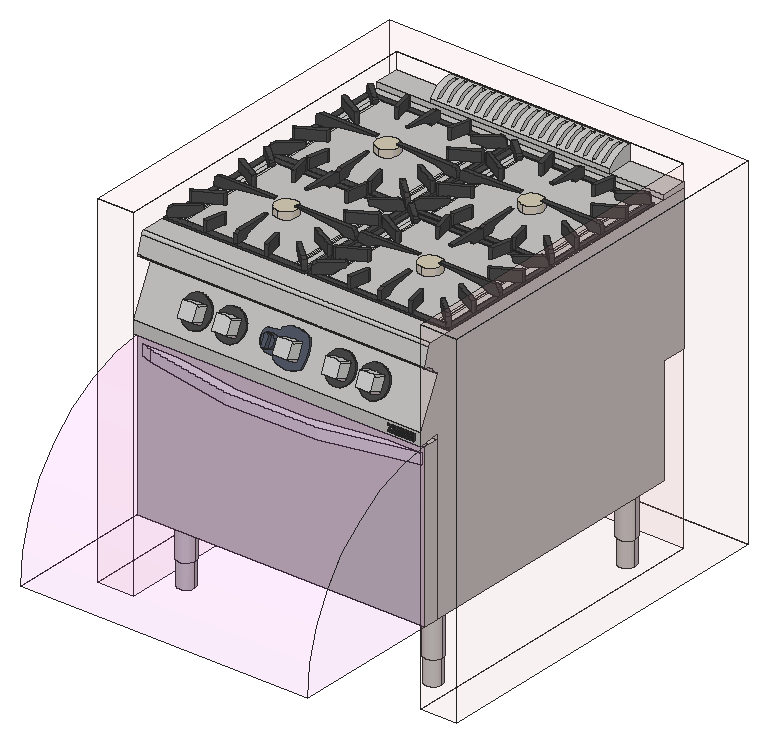
Revit family "QF_ZANUSSI_392030_Z9GCGH4CG0", category Attrezzature speciali, Revit 2020
Family settings
  Quota connettore circolare = Usa diametro
  Tipo di parte = Normale
  Basato su piano di lavoro = No
  Sempre verticale = Sì
  Taglio con vuoti quando caricato = No
  Condiviso = No
  Punto di calcolo locali = No
Parameters (values of type "Standard")
  Weight = 115.00 kg
  Watts = 0 W
  Volts = 0 V
  URL Manufacturer = "http://www.zanussiprofessional.com"
  URL = "http://www.zanussiprofessional.com"
  Steam Supply Size = 0 mm
  Steam Supply Minimum Pressure = 0.0 Pa
  Steam Supply Maximum Pressure = 0.0 Pa
  Steam Consumption per Hour = 0
  Show Logo [instance] = yes
  Show Clearance [instance] = yes
  Refrigeration Suction Line Size = 0 mm
  Refrigeration Liquid Line Size = 0 mm
  Refrigerant Compressor Remote = yes
  Prospetto di default = 0 mm
  Produttore = "Zanussi"
  Phase = 0
  Modello = "Z9GCGH4CG0"
  Length Actual = 800 mm  # constant formula
  Item Number = "392030"
  Hot Water Size = 0 mm
  Height Actual = 850 mm  # constant formula
  HP = "0 HP"
  Gas Size = 12.7 mm
  Gas KW = 36.5
  Gas Input Pressure = 0.332593 W
  Direct Waste Size = 0 mm
  Descrizione = "4-BURNER(CAST IRON)GAS RANGE+OVEN 800MM"
  Depth Actual = 900 mm  # constant formula
  Cycle = 0 Hz
  Condensate Return Size = 0 mm
  Compressed Air Volume = 0.0 L/s
  Compressed Air Size = 0 mm
  Compressed Air Pressure = 0.0 Pa
  Cold Water Size = 0 mm
  Accessory = yes
Reference planes
  plane 1 "Back": y = 0
  plane 2: z = 0
  plane 3 "Left": x = 0
  plane 4: x = 800
  plane 5: z = 850
  plane 6: x = 400
  plane 7: x = 900
  plane 8: x = -100
  plane 9: y = 100
  plane 10: y = -915
Forms (mm)
  Extrusion 1, solid, material "QF_Finishes_Clearance", visible <- "Show Clearance"
    sketch origin (0, 0, 0) x (1, 0, 0) y (0, 1, 0)
      loop
        line (-100, -915) -> (0, -915) -> (0, 0) -> (800, 0) -> (800, -915) -> (900, -915) -> (900, 100) -> (-100, 100) -> (-100, -915)
    from 0 to 958.9
  Extrusion 2, solid, material "QF_Finishes_Stainless Steel"
    sketch origin (0, 50, 661.213) x (0, 1, 0) y (0, 0, 1)
      loop
        line (-50, 238.788) -> (-50, 253.075) -> (-119.85, 253.075) -> (-119.85, 238.788) -> (-50, 238.788)
    from 0 to 800
  Extrusion 3, solid, material "QF_Finishes_Stainless Steel"
    sketch origin (0, 50, 661.212) x (0, 1, 0) y (0, 0, 1)
      loop
        line (-50, 238.788) -> (-929.358, 238.788)
        arc (-929.358, 238.788) -> (-934.643, 236.598) -> (-936.833, 231.313) r 7.474
        line (-936.833, 231.313) -> (-949.884, 185.798)
        arc (-949.884, 185.798) -> (-949.396, 183.166) -> (-947, 181.971) r 3
        line (-947, 181.971) -> (-936.802, 181.971) -> (-904.982, 150.152) -> (-965, 29.296) -> (-965, -5.704) -> (-908.645, 2.216)
        arc (-908.645, 2.216) -> (-906.101, 1.462) -> (-905, -0.953) r 3.2
        line (-905, -0.953) -> (-905, -462.212) -> (-120, -462.212) -> (-120, -162.212) -> (-50, -162.212) -> (-50, 238.788)
      loop
        line (-950, -11.212) -> (-950, -462.212) -> (-910, -462.212) -> (-910, -11.212) -> (-950, -11.212)
    from 0 to 800
  Extrusion 4, solid, material "QF_Finishes_Door Clearance", visible <- "Show Clearance"
    sketch origin (0, -206.665, 6.362) x (0, 1, 0) y (0, 0, 1)
      loop
        line (-1103.537, 192.638) -> (-683.335, 192.638) -> (-683.335, 645.379)
        arc (-683.335, 645.379) -> (-982.298, 501.484) -> (-1103.537, 192.638) r 454.002
    from 0 to 800
  Extrusion 5, solid, material "QF_Finishes_Stainless Steel"
    sketch origin (-303.042, -201, 191.278) x (-1, 0, 0) y (0, -1, 0)
      loop
        circle (-1052.042, 464) r 6.35
    from -1.278 to 7.722
Dimensions and locks
  plane 3 "Left" to plane 4 = 800 mm
  equal spacing: plane 3 "Left", plane 6, plane 4
  plane 1 "Back" to plane 9 = 100 mm
  plane 4 to plane 7 = 100 mm
  plane 8 to plane 3 "Left" = 100 mm
  plane 1 "Back" to plane 10 = 915 mm
  Extrusion 3 to level = 900 mm
  aligned and locked: level to plane 2
Automatic sketch dimensions
  Extrusion 1 sketch curve to plane 8 = 0 mm
  Extrusion 1 sketch curve to plane 3 "Left" = 0 mm
  plane 1 "Back" to Extrusion 1 sketch curve = 0 mm
  Extrusion 1 sketch curve to plane 4 = 0 mm
  Extrusion 1 sketch curve to plane 7 = 0 mm
  Extrusion 1 sketch curve to plane 10 = 0 mm  (x2)
  Extrusion 1 sketch curve to plane 9 = 0 mm
  Extrusion 2 sketch curve to plane 1 "Back" = 0 mm
  plane 1 "Back" to Extrusion 2 sketch curve = 69.85 mm
  Extrusion 2 sketch curve to plane 5 = 50 mm
  Extrusion 2 sketch curve to Extrusion 2 sketch curve = 14.288 mm
  Extrusion 3 sketch curve to plane 10 = 0 mm
  Extrusion 3 sketch curve to plane 1 "Back" = 0 mm
  plane 10 to Extrusion 3 sketch curve = 15 mm
  plane 5 to Extrusion 3 sketch curve = 2.989 mm
  plane 10 to Extrusion 3 sketch curve = 15.116 mm
  Extrusion 3 sketch curve to Extrusion 3 sketch curve = 2.884 mm
  plane 10 to Extrusion 3 sketch curve = 28.167 mm
  Extrusion 3 sketch curve to Extrusion 3 sketch curve = 10.198 mm
  Extrusion 3 sketch curve to Extrusion 3 sketch curve = 7.474 mm
  Extrusion 3 sketch curve to Extrusion 3 sketch curve = 40 mm
  Extrusion 3 sketch curve to Extrusion 3 sketch curve = 1.355 mm
  Extrusion 3 sketch curve to Extrusion 3 sketch curve = 0.445 mm
  Extrusion 3 sketch curve to Extrusion 3 sketch curve = 5 mm
  Extrusion 3 sketch curve to Extrusion 3 sketch curve = 31.82 mm
  plane 1 "Back" to Extrusion 3 sketch curve = 70 mm
  Extrusion 3 sketch curve to Extrusion 3 sketch curve = 0.827 mm
  plane 5 to Extrusion 3 sketch curve = 38.636 mm
  Extrusion 3 sketch curve to Extrusion 3 sketch curve = 120.856 mm
  Extrusion 3 sketch curve to Extrusion 3 sketch curve = 27.08 mm
  Extrusion 3 sketch curve to Extrusion 3 sketch curve = 35 mm
  Extrusion 3 sketch curve to Extrusion 3 sketch curve = 5.508 mm
  Extrusion 3 sketch curve to plane 5 = 42.526 mm
  Extrusion 4 sketch curve to plane 10 = 395.202 mm
  plane 10 to Extrusion 4 sketch curve = 25 mm
  Extrusion 4 sketch curve to Extrusion 4 sketch curve = 33.8 mm
  plane 4 to Extrusion 5 sketch curve = 51 mm
  plane 10 to Extrusion 5 sketch curve = 250 mm
  plane 5 to Extrusion 3 sketch curve = 351 mm
  level to Extrusion 3 sketch curve = 199 mm  (x2)
  level to Extrusion 4 sketch curve = 199 mm
  radius of Extrusion 5 sketch curve = 6.35 mm
Nested families
  nested 1: "Uscita_Fumi_500" at (400, -34.925, 914.288), type "Uscita_Fumi_500"
  nested 2: "ZANUSSI_BURNER" at (2.5, -458.125, 50), type "ZANUSSI_BURNER"
    with Status "", Specification by User "", Revision Code "", Item Number "", Installed By "", Identify Quantity as Lot yes, Furnished By "", Foodservice Equipment Identifier yes
  nested 3: "ZANUSSI_BURNER" at (2.5, -454.983, 50), type "ZANUSSI_BURNER"
    with Status "", Specification by User "", Revision Code "", Item Number "", Installed By "", Identify Quantity as Lot yes, Furnished By "", Foodservice Equipment Identifier yes
  nested 4: "ZANUSSI_BURNER" at (797.5, -458.125, 50) x (-1, 0, 0) z (0, 0, 1), type "ZANUSSI_BURNER"
    with Status "", Specification by User "", Revision Code "", Item Number "", Installed By "", Identify Quantity as Lot yes, Furnished By "", Foodservice Equipment Identifier yes
  nested 5: "ZANUSSI_BURNER" at (797.5, -454.983, 50) x (-1, 0, 0) z (0, 0, 1), type "ZANUSSI_BURNER"
    with Status "", Specification by User "", Revision Code "", Item Number "", Installed By "", Identify Quantity as Lot yes, Furnished By "", Foodservice Equipment Identifier yes
  nested 6: "CONTROLLER_XP-ZAN" at (698, -884.548, 751.827) x (1, 0, 0) z (0, -0.8956, 0.4448), type "CONTROLLER_XP-ZAN"
  nested 7: "CONTROLLER_XP-ZAN" at (603, -884.548, 751.827) x (1, 0, 0) z (0, -0.8956, 0.4448), type "CONTROLLER_XP-ZAN"
  nested 8: "CONTROLLER_XP-ZAN" at (298, -884.548, 751.827) x (1, 0, 0) z (0, -0.8956, 0.4448), type "CONTROLLER_XP-ZAN"
  nested 9: "CONTROLLER_XP-ZAN" at (203, -884.548, 751.827) x (1, 0, 0) z (0, -0.8956, 0.4448), type "CONTROLLER_XP-ZAN"
  nested 10: "CONTROLLER_DOPPIO_ZAN" at (391.481, -884.548, 751.827) x (1, 0, 0) z (0, -0.8956, 0.4448), type "CONTROLLER_DOPPIO_ZAN"
  nested 11: "ZANUSSI_Logo" at (749.92, -915, 722.184) x (1, 0, 0) z (0, -1, 0), Show Logo <- "Show Logo", visible <- "Show Logo", type "ZANUSSI_Logo"
    with Show Logo yes
  nested 12: "MANIGLIONE_ZANUSSI" at (400, -900, 615.684) x (1, 0, 0) z (0, -1, 0), type "MANIGLIONE_ZANUSSI"
  nested 13: "Piedino 50xH200_par" at (56, -128, 0), type "Piedino 50xH200_par"
    with H 200 mm
  nested 14: "Piedino 50xH200_par" at (744, -128, 0), type "Piedino 50xH200_par"
    with H 200 mm
  nested 15: "Piedino 50xH200_par" at (744, -802, 0), type "Piedino 50xH200_par"
    with H 200 mm
  nested 16: "Piedino 50xH200_par" at (56, -802, 0), type "Piedino 50xH200_par"
    with H 200 mm
Connectors
  piping at (749, -665, 190), diameter 12.7, driven by "Gas Size"
    settings: on Extrusion 5, index 13, connector inside diameter 12.8 mm, connector length 0 mm, flow factor 0, pipe flow 0.0 L/s, pressure drop 0.0 Pa, fitting loss kfactor 0, connector angle 0.00°, fixture units 0, engagement length 0 mm, angle of deflection 0.00°, flow configuration 1, flow direction 1, fitting loss method 0, system type 29, joint type 0, gender type 0, connector reference index -1, connector utility 0, adjustable connector no, is connector primary yes, connector description "Gas Connection"
Definition of nested family "Uscita_Fumi_500"
  Parameters (values of type "Uscita_Fumi_500")
    Default Elevation = 1219.2 mm
  Reference planes
    plane 1 "Centro (Fronte/Retro)": y = 0
    plane 2: z = 0
    plane 3 "Centro (Sinistra/Destra)": x = 0
  Forms (mm)
    Extrusion 1, solid
      sketch origin (0, 0, 0) x (1, 0, 0) y (0, 1, 0)
        loop
          line (-1219.2, 1219.2) -> (-1219.2, -1219.2) -> (1219.2, -1219.2) -> (1219.2, 1219.2) -> (-1219.2, 1219.2)
      from 0 to -304.8
    Extrusion 2, solid
      sketch origin (-150, 34.925, -289.638) x (0, 1, 0) y (0, 0, 1)
        loop
          line (0, 289.638) -> (0, 331.738)
          arc (0, 331.738) -> (-38.857, 324.552) -> (-69.85, 300.038) r 82.056
          line (-69.85, 300.038) -> (-69.85, 289.638) -> (0, 289.638)
      from -100 to 400
    Extrusion 3, void
      sketch origin (-262.5, 34.925, -15) x (0, -1, 0) y (1, 0, 0)
        loop
          line (6.761, 29.703) -> (63.911, 29.703) -> (63.911, 38.999) -> (6.761, 38.999) -> (6.761, 29.703)
        loop
          line (63.911, 64.487) -> (6.761, 64.487) -> (6.761, 55.191) -> (63.911, 55.191) -> (63.911, 64.487)
        loop
          line (63.911, 89.975) -> (6.761, 89.975) -> (6.761, 80.68) -> (63.911, 80.68) -> (63.911, 89.975)
        loop
          line (63.911, 115.464) -> (6.761, 115.464) -> (6.761, 106.168) -> (63.911, 106.168) -> (63.911, 115.464)
        loop
          line (63.911, 140.952) -> (6.761, 140.952) -> (6.761, 131.656) -> (63.911, 131.656) -> (63.911, 140.952)
        loop
          line (63.911, 166.44) -> (6.761, 166.44) -> (6.761, 157.145) -> (63.911, 157.145) -> (63.911, 166.44)
        loop
          line (63.911, 191.929) -> (6.761, 191.929) -> (6.761, 182.633) -> (63.911, 182.633) -> (63.911, 191.929)
        loop
          line (63.911, 217.417) -> (6.761, 217.417) -> (6.761, 208.121) -> (63.911, 208.121) -> (63.911, 217.417)
        loop
          line (63.911, 242.905) -> (6.761, 242.905) -> (6.761, 233.61) -> (63.911, 233.61) -> (63.911, 242.905)
        loop
          line (63.911, 268.394) -> (6.761, 268.394) -> (6.761, 259.098) -> (63.911, 259.098) -> (63.911, 268.394)
        loop
          line (63.911, 293.882) -> (6.761, 293.882) -> (6.761, 284.586) -> (63.911, 284.586) -> (63.911, 293.882)
        loop
          line (63.911, 319.37) -> (6.761, 319.37) -> (6.761, 310.075) -> (63.911, 310.075) -> (63.911, 319.37)
        loop
          line (63.911, 344.859) -> (6.761, 344.859) -> (6.761, 335.563) -> (63.911, 335.563) -> (63.911, 344.859)
        loop
          line (63.911, 370.347) -> (6.761, 370.347) -> (6.761, 361.051) -> (63.911, 361.051) -> (63.911, 370.347)
        loop
          line (63.911, 393.394) -> (6.761, 393.394) -> (6.761, 384.098) -> (63.911, 384.098) -> (63.911, 393.394)
        loop
          line (63.911, 418.882) -> (6.761, 418.882) -> (6.761, 409.586) -> (63.911, 409.586) -> (63.911, 418.882)
        loop
          line (63.911, 444.37) -> (6.761, 444.37) -> (6.761, 435.075) -> (63.911, 435.075) -> (63.911, 444.37)
        loop
          line (63.911, 469.859) -> (6.761, 469.859) -> (6.761, 460.563) -> (63.911, 460.563) -> (63.911, 469.859)
        loop
          line (63.911, 495.347) -> (6.761, 495.347) -> (6.761, 486.051) -> (63.911, 486.051) -> (63.911, 495.347)
      from 25.4 to 63.5
  Cuts and joins
    Extrusion 3 cuts Extrusion 2
  Dimensions and locks
    cut or joined group of Extrusion 2, Extrusion 3 to cut or joined group of Extrusion 2, Extrusion 3 = 500 mm
    aligned and locked: plane 2 to Extrusion 1
    aligned and locked: level to Extrusion 1
Definition of nested family "ZANUSSI_BURNER"
  Parameters (values of type "ZANUSSI_BURNER")
    Weight in Pounds = 0
    URL Cutsheet = ""
    URL = "www.electrolux.com"
    Type Mark [instance] = ""
    Status [instance] = ""
    Specification by User [instance] = ""
    Specification by Manufacturer = ""
    Show Clearance [instance] = yes
    Serial Number = ""
    Seismic Rating = ""
    SMACNA No = ""
    Revision Code [instance] = ""
    Default Elevation = 0 mm
    Omniclass Number and Title = ""
    NAFEM Spec ID Number = ""
    Model = "392010"
    Masterspec = ""
    Manufacturer = "ELECTROLUX"
    Item Number [instance] = ""
    Installed By [instance] = ""
    Identify Quantity as Lot [instance] = yes
    Furnished By [instance] = ""
    Foodservice Equipment Identifier [instance] = yes
    Description = ""
    CSI MasterFormat = ""
    CSI Master Format = ""
  Reference planes
    plane 1 "BACK": y = 0
    plane 2: z = 0
    plane 3 "LEFT": x = 0
    plane 4 "RIGHT": x = 393.7
    plane 5 "FRONT": y = -355.6
    plane 6 "TOP": z = 908.85
    plane 7 "Center Y": x = 196.85
    plane 8 "Center X": y = -177.8
    plane 9 "Base": z = 150
    plane 10: z = 850.85
  Forms (mm)
    Extrusion 1, solid
      sketch origin (-6.433, -404.961, 5) x (1, 0, 0) y (0, 0, -1)
        loop
          arc (7.142, -850.85) -> (6.739, -862.989) -> (9.761, -874.752) r 42.809
          line (9.761, -874.752) -> (19.961, -879.425) -> (173.122, -879.425)
          arc (173.122, -879.425) -> (174.316, -878.312) -> (173.289, -877.043) r 1.197
          line (173.289, -877.043) -> (64.848, -864.021)
          arc (64.848, -864.021) -> (50.111, -858.738) -> (36.589, -850.85) r 85.245
          line (36.589, -850.85) -> (7.142, -850.85)
        loop
          line (399.424, -850.85) -> (369.977, -850.85)
          arc (369.977, -850.85) -> (356.455, -858.738) -> (341.718, -864.021) r 85.245
          line (341.718, -864.021) -> (233.277, -877.043)
          arc (233.277, -877.043) -> (232.25, -878.312) -> (233.444, -879.425) r 1.197
          line (233.444, -879.425) -> (386.605, -879.425) -> (396.806, -874.752)
          arc (396.806, -874.752) -> (399.827, -862.989) -> (399.424, -850.85) r 42.809
      from 224.564 to 234.564
    Extrusion 2, solid
      sketch origin (196.85, 175.397, 1219.2) x (0, 1, 0) y (0, 0, 1)
        loop
          line (-204.463, -363.35) -> (-175.397, -363.35) -> (-175.397, -339.506)
          arc (-175.397, -339.506) -> (-181.025, -338.266) -> (-185.611, -334.775) r 13.39
          line (-185.611, -334.775) -> (-278.903, -334.775)
          arc (-278.903, -334.775) -> (-280.097, -335.888) -> (-279.07, -337.157) r 1.197
          line (-279.07, -337.157) -> (-227.151, -347.464)
          arc (-227.151, -347.464) -> (-213.741, -352.457) -> (-204.463, -363.35) r 28.426
        loop
          arc (-496.332, -363.35) -> (-487.053, -352.457) -> (-473.644, -347.464) r 28.426
          line (-473.644, -347.464) -> (-421.725, -337.157)
          arc (-421.725, -337.157) -> (-420.697, -335.888) -> (-421.891, -334.775) r 1.197
          line (-421.891, -334.775) -> (-515.184, -334.775)
          arc (-515.184, -334.775) -> (-519.769, -338.266) -> (-525.397, -339.506) r 13.39
          line (-525.397, -339.506) -> (-525.397, -363.35) -> (-496.332, -363.35)
      from -5 to 5
    Extrusion 3, solid
      sketch origin (-6.433, 367.064, 850.85) x (0, -1, 0) y (1, 0, 0)
        loop
          line (722.664, 6.433) -> (722.664, 400.133) -> (367.064, 400.133) -> (367.064, 6.433) -> (722.664, 6.433)
        loop
          line (382.064, 21.433) -> (707.664, 21.433) -> (707.664, 385.133) -> (382.064, 385.133) -> (382.064, 21.433)
      from 0 to 5
    Extrusion 4, solid
      sketch origin (-18.933, 367.064, 855.85) x (0, -1, 0) y (1, 0, 0)
        loop
          circle (541.667, 215.783) r 30
      from -1.321 to 17.134
    Extrusion 5, solid
      sketch origin (-6.433, -367.064, 0) x (1, 0, 0) y (0, 0, -1)
        loop
          line (21.433, -855.85) -> (36.589, -855.85)
          arc (36.589, -855.85) -> (40.561, -855.243) -> (44.305, -853.783) r 18.259
          arc (44.305, -853.783) -> (45.997, -853.366) -> (47.69, -853.783) r 3.649
          arc (47.69, -853.783) -> (49.901, -854.522) -> (52.232, -854.529) r 7.328
          line (52.232, -854.529) -> (354.334, -854.529)
          arc (354.334, -854.529) -> (356.666, -854.522) -> (358.877, -853.783) r 7.328
          arc (358.877, -853.783) -> (360.569, -853.366) -> (362.261, -853.783) r 3.649
          arc (362.261, -853.783) -> (366.005, -855.243) -> (369.977, -855.85) r 18.259
          line (369.977, -855.85) -> (385.133, -855.85) -> (385.133, -850.85) -> (21.433, -850.85) -> (21.433, -855.85)
      from 26.464 to 352.064
    Extrusion 6, solid
      sketch origin (83.284, -458.334, 5) x (0.742103, 0.670286, 0) y (0, 0, -1)
        loop
          arc (88.629, -864.012) -> (73.909, -858.731) -> (60.402, -850.85) r 85.245
          line (60.402, -850.85) -> (14.993, -850.85)
          arc (14.993, -850.85) -> (14.642, -862.948) -> (17.686, -874.663) r 42.876
          line (17.686, -874.663) -> (27.899, -879.425) -> (89.664, -879.425)
          arc (89.664, -879.425) -> (92.39, -878.352) -> (93.654, -875.709) r 4
          arc (93.654, -875.709) -> (92.562, -869.25) -> (88.629, -864.012) r 13.87
        loop
          arc (457.638, -864.012) -> (453.704, -869.25) -> (452.613, -875.709) r 13.87
          arc (452.613, -875.709) -> (453.876, -878.352) -> (456.603, -879.425) r 4
          line (456.603, -879.425) -> (518.367, -879.425) -> (528.581, -874.663)
          arc (528.581, -874.663) -> (531.624, -862.948) -> (531.273, -850.85) r 42.876
          line (531.273, -850.85) -> (485.865, -850.85)
          arc (485.865, -850.85) -> (472.357, -858.731) -> (457.638, -864.012) r 85.245
      from 127.064 to 137.064
    Extrusion 7, solid
      sketch origin (310.416, -458.334, 5) x (-0.742103, 0.670286, 0) y (0, 0, 1)
        loop
          arc (88.629, 864.012) -> (92.562, 869.25) -> (93.654, 875.709) r 13.87
          arc (93.654, 875.709) -> (92.39, 878.352) -> (89.664, 879.425) r 4
          line (89.664, 879.425) -> (27.899, 879.425) -> (17.686, 874.663)
          arc (17.686, 874.663) -> (14.642, 862.948) -> (14.993, 850.85) r 42.876
          line (14.993, 850.85) -> (60.402, 850.85)
          arc (60.402, 850.85) -> (73.909, 858.731) -> (88.629, 864.012) r 85.245
        loop
          arc (457.638, 864.012) -> (472.357, 858.731) -> (485.865, 850.85) r 85.245
          line (485.865, 850.85) -> (531.273, 850.85)
          arc (531.273, 850.85) -> (531.624, 862.948) -> (528.581, 874.663) r 42.876
          line (528.581, 874.663) -> (518.367, 879.425) -> (456.603, 879.425)
          arc (456.603, 879.425) -> (453.876, 878.352) -> (452.613, 875.709) r 4
          arc (452.613, 875.709) -> (453.704, 869.25) -> (457.638, 864.012) r 13.87
      from 127.064 to 137.064
    Extrusion 8, solid
      sketch origin (-6.433, 367.064, 855.85) x (0, -1, 0) y (1, 0, 0)
        loop
          arc (626.166, 9.428) -> (632.956, 7.454) -> (634.93, 14.244) r 5
          line (634.93, 14.244) -> (600.514, 76.878)
          arc (600.514, 76.878) -> (593.724, 78.852) -> (591.75, 72.062) r 5
          line (591.75, 72.062) -> (626.166, 9.428)
        loop
          line (463.562, 9.428) -> (497.977, 72.062)
          arc (497.977, 72.062) -> (496.003, 78.852) -> (489.213, 76.878) r 5
          line (489.213, 76.878) -> (454.798, 14.244)
          arc (454.798, 14.244) -> (456.772, 7.454) -> (463.562, 9.428) r 5
        loop
          line (626.166, 397.138) -> (591.75, 334.504)
          arc (591.75, 334.504) -> (593.724, 327.714) -> (600.514, 329.689) r 5
          line (600.514, 329.689) -> (634.93, 392.323)
          arc (634.93, 392.323) -> (632.956, 399.113) -> (626.166, 397.138) r 5
        loop
          arc (463.562, 397.138) -> (456.772, 399.113) -> (454.798, 392.323) r 5
          line (454.798, 392.323) -> (489.213, 329.689)
          arc (489.213, 329.689) -> (496.003, 327.714) -> (497.977, 334.504) r 5
          line (497.977, 334.504) -> (463.562, 397.138)
        loop
          line (715.14, 293.499) -> (666.703, 282.317)
          arc (666.703, 282.317) -> (662.956, 276.32) -> (668.953, 272.573) r 5
          line (668.953, 272.573) -> (717.389, 283.756)
          arc (717.389, 283.756) -> (721.136, 289.752) -> (715.14, 293.499) r 5
        loop
          arc (715.14, 113.067) -> (721.136, 116.814) -> (717.389, 122.811) r 5
          line (717.389, 122.811) -> (668.953, 133.993)
          arc (668.953, 133.993) -> (662.956, 130.246) -> (666.703, 124.249) r 5
          line (666.703, 124.249) -> (715.14, 113.067)
        loop
          arc (374.588, 293.499) -> (368.591, 289.752) -> (372.338, 283.756) r 5
          line (372.338, 283.756) -> (420.775, 272.573)
          arc (420.775, 272.573) -> (426.771, 276.32) -> (423.024, 282.317) r 5
          line (423.024, 282.317) -> (374.588, 293.499)
        loop
          line (374.588, 113.067) -> (423.024, 124.249)
          arc (423.024, 124.249) -> (426.771, 130.246) -> (420.775, 133.993) r 5
          line (420.775, 133.993) -> (372.338, 122.811)
          arc (372.338, 122.811) -> (368.591, 116.814) -> (374.588, 113.067) r 5
      from 0 to 28.575
  Lines and regions (mm)
    symbolic lines
      curve 1: line (157.475, -170.397, 150) -> (157.475, -15, 150)
      curve 2: line (236.225, -170.397, 150) -> (236.225, -15, 150)
      curve 3: arc (158.678, -180.397, 0) -> (170.734, -200.207, 0) -> (191.85, -209.795, 0) r 39.375
      curve 4: line (163.825, -170.397, 150) -> (163.825, -15, 150)
      curve 5: line (229.875, -170.397, 150) -> (229.875, -15, 150)
      curve 6: line (144.775, -170.397, 150) -> (144.775, -15, 150)
      curve 7: line (248.925, -170.397, 150) -> (248.925, -15, 150)
      curve 8: arc (145.678, -180.397, 0) -> (161.728, -209.187, 0) -> (191.85, -222.573, 0) r 52.075
      curve 9: arc (201.85, -209.795, 0) -> (222.966, -200.207, 0) -> (235.022, -180.397, 0) r 39.375
      curve 10: arc (201.85, -222.573, 0) -> (231.931, -209.224, 0) -> (248.001, -180.504, 0) r 52.075
  Dimensions and locks
    equal spacing: plane 3 "LEFT", plane 7 "Center Y", plane 4 "RIGHT"
    plane 3 "LEFT" to plane 4 "RIGHT" = 393.7 mm
    equal spacing: plane 5 "FRONT", plane 8 "Center X", plane 1 "BACK"
    plane 5 "FRONT" to plane 1 "BACK" = 355.6 mm
    plane 6 "TOP" to level = 908.85 mm
    plane 9 "Base" to level = 150 mm
    plane 6 "TOP" to plane 10 = 58 mm  (x2)
    locked: Extrusion 4 sketch curve to plane 7 "Center Y" at 0
    aligned and locked: level to plane 2
  Automatic sketch dimensions
    plane 1 "BACK" to curve 7 = 15 mm
    plane 7 "Center Y" to curve 7 = 52.075 mm
    curve 7 to curve 2 = 12.7 mm
    curve 2 to curve 5 = 6.35 mm
    curve 4 to curve 1 = 6.35 mm
    plane 8 "Center X" to curve 6 = 7.403 mm
    curve 1 to curve 6 = 12.7 mm
    plane 3 "LEFT" to Extrusion 1 sketch curve = 0.709 mm
    plane 3 "LEFT" to Extrusion 1 sketch curve = 3.327 mm
    Extrusion 1 sketch curve to Extrusion 1 sketch curve = 10.201 mm
    plane 10 to Extrusion 1 sketch curve = 5 mm  (x2)
    Extrusion 1 sketch curve to Extrusion 1 sketch curve = 29.447 mm
    Extrusion 1 sketch curve to Extrusion 1 sketch curve = 12.704 mm  (x2)
    Extrusion 1 sketch curve to Extrusion 1 sketch curve = 15.555 mm  (x2)
    plane 3 "LEFT" to Extrusion 1 sketch curve = 79.689 mm
    Extrusion 1 sketch curve to plane 7 "Center Y" = 30.161 mm
    Extrusion 1 sketch curve to Extrusion 1 sketch curve = 0.167 mm  (x2)
    plane 7 "Center Y" to Extrusion 1 sketch curve = 29.994 mm
    Extrusion 1 sketch curve to plane 4 "RIGHT" = 79.689 mm
    plane 10 to Extrusion 1 sketch curve = 18.171 mm
    Extrusion 1 sketch curve to plane 4 "RIGHT" = 58.415 mm
    Extrusion 1 sketch curve to plane 4 "RIGHT" = 13.528 mm
    Extrusion 1 sketch curve to plane 4 "RIGHT" = 3.327 mm
    Extrusion 1 sketch curve to plane 4 "RIGHT" = 0.709 mm
    Extrusion 1 sketch curve to Extrusion 1 sketch curve = 23.902 mm  (x2)
    Extrusion 1 sketch curve to plane 6 "TOP" = 26.807 mm  (x2)
    Extrusion 1 sketch curve to Extrusion 1 sketch curve = 1.185 mm  (x2)
    Extrusion 1 sketch curve to Extrusion 1 sketch curve = 5.694 mm
    Extrusion 2 sketch curve to plane 1 "BACK" = 0 mm
    plane 1 "BACK" to Extrusion 2 sketch curve = 10.213 mm
    plane 10 to Extrusion 2 sketch curve = 5 mm  (x2)
    plane 1 "BACK" to Extrusion 2 sketch curve = 29.066 mm
    plane 10 to Extrusion 2 sketch curve = 20.886 mm
    Extrusion 2 sketch curve to Extrusion 2 sketch curve = 22.688 mm  (x2)
    Extrusion 2 sketch curve to plane 10 = 7.392 mm  (x2)
    Extrusion 2 sketch curve to plane 6 "TOP" = 24.425 mm
    Extrusion 2 sketch curve to Extrusion 2 sketch curve = 51.752 mm
    Extrusion 2 sketch curve to plane 6 "TOP" = 26.807 mm  (x2)
    Extrusion 2 sketch curve to Extrusion 2 sketch curve = 0.167 mm  (x2)
    Extrusion 2 sketch curve to plane 8 "Center X" = 68.528 mm
    Extrusion 2 sketch curve to plane 5 "FRONT" = 60.248 mm
    Extrusion 2 sketch curve to Extrusion 2 sketch curve = 2.895 mm
    Extrusion 2 sketch curve to plane 5 "FRONT" = 15.813 mm
    Extrusion 2 sketch curve to plane 5 "FRONT" = 5.6 mm
    Extrusion 2 sketch curve to Extrusion 2 sketch curve = 4.731 mm
    Extrusion 2 sketch curve to Extrusion 2 sketch curve = 23.844 mm
    Extrusion 2 sketch curve to Extrusion 2 sketch curve = 1.185 mm
    plane 1 "BACK" to Extrusion 3 sketch curve = 0 mm
    Extrusion 3 sketch curve to plane 3 "LEFT" = 0 mm
    plane 5 "FRONT" to Extrusion 3 sketch curve = 0 mm
    Extrusion 3 sketch curve to plane 4 "RIGHT" = 0 mm
    plane 1 "BACK" to Extrusion 3 sketch curve = 15 mm
    Extrusion 3 sketch curve to plane 5 "FRONT" = 15 mm
    plane 3 "LEFT" to Extrusion 3 sketch curve = 15 mm
    Extrusion 3 sketch curve to plane 4 "RIGHT" = 15 mm
    Extrusion 3 to Extrusion 4 sketch curve = 159.603 mm
    Extrusion 5 sketch curve to plane 10 = 0 mm
    plane 3 "LEFT" to Extrusion 5 sketch curve = 15 mm
    Extrusion 5 sketch curve to Extrusion 5 sketch curve = 14.402 mm
    plane 10 to Extrusion 5 sketch curve = 5 mm
    Extrusion 5 sketch curve to Extrusion 5 sketch curve = 15.156 mm
    plane 10 to Extrusion 5 sketch curve = 2.933 mm  (x3)
    Extrusion 5 sketch curve to Extrusion 5 sketch curve = 7.716 mm  (x2)
    Extrusion 5 sketch curve to Extrusion 5 sketch curve = 0 mm  (x3)
    Extrusion 5 sketch curve to Extrusion 5 sketch curve = 1.692 mm  (x2)
    Extrusion 5 sketch curve to Extrusion 5 sketch curve = 3.385 mm  (x2)
    Extrusion 5 sketch curve to plane 10 = 3.559 mm  (x2)
    plane 10 to Extrusion 5 sketch curve = 3.679 mm
    Extrusion 5 sketch curve to plane 4 "RIGHT" = 45.799 mm
    Extrusion 5 sketch curve to Extrusion 5 sketch curve = 1.143 mm
    Extrusion 5 sketch curve to plane 10 = 13.244 mm
    Extrusion 5 sketch curve to plane 4 "RIGHT" = 15 mm
    plane 10 to Extrusion 6 sketch curve = 5 mm  (x2)
    Extrusion 6 sketch curve to Extrusion 6 sketch curve = 2.692 mm  (x2)
    Extrusion 6 sketch curve to Extrusion 6 sketch curve = 10.213 mm  (x2)
    plane 10 to Extrusion 6 sketch curve = 12.281 mm
    Extrusion 6 sketch curve to Extrusion 6 sketch curve = 29.348 mm  (x2)
    Extrusion 6 sketch curve to Extrusion 6 sketch curve = 3.155 mm  (x2)
    Extrusion 6 sketch curve to Extrusion 6 sketch curve = 22.572 mm
    Extrusion 6 sketch curve to Extrusion 6 sketch curve = 8.81 mm
    Extrusion 6 sketch curve to Extrusion 6 sketch curve = 9.845 mm  (x2)
    Extrusion 6 sketch curve to Extrusion 6 sketch curve = 3.99 mm  (x2)
    Extrusion 6 sketch curve to Extrusion 6 sketch curve = 0 mm  (x2)
    Extrusion 6 sketch curve to Extrusion 6 sketch curve = 49.533 mm
    Extrusion 6 sketch curve to plane 10 = 64.377 mm
    Extrusion 6 sketch curve to Extrusion 6 sketch curve = 326.397 mm
    Extrusion 6 sketch curve to plane 6 "TOP" = 28.141 mm
    Extrusion 6 sketch curve to Extrusion 6 sketch curve = 16.281 mm
    Extrusion 6 sketch curve to Extrusion 6 sketch curve = 1.035 mm
    Extrusion 6 sketch curve to Extrusion 6 sketch curve = 19.417 mm
    Extrusion 6 sketch curve to Extrusion 6 sketch curve = 4.763 mm  (x2)
    Extrusion 6 sketch curve to Extrusion 6 sketch curve = 3.716 mm
    plane 10 to Extrusion 7 sketch curve = 5 mm  (x2)
    Extrusion 7 sketch curve to Extrusion 7 sketch curve = 2.692 mm  (x2)
    Extrusion 7 sketch curve to Extrusion 7 sketch curve = 10.213 mm  (x2)
    plane 10 to Extrusion 7 sketch curve = 12.281 mm
    Extrusion 7 sketch curve to Extrusion 7 sketch curve = 29.348 mm  (x2)
    Extrusion 7 sketch curve to Extrusion 7 sketch curve = 3.155 mm  (x2)
    Extrusion 7 sketch curve to Extrusion 7 sketch curve = 22.572 mm
    Extrusion 7 sketch curve to Extrusion 7 sketch curve = 8.81 mm
    Extrusion 7 sketch curve to Extrusion 7 sketch curve = 9.845 mm  (x2)
    Extrusion 7 sketch curve to Extrusion 7 sketch curve = 3.99 mm  (x2)
    Extrusion 7 sketch curve to Extrusion 7 sketch curve = 0 mm  (x2)
    Extrusion 7 sketch curve to Extrusion 7 sketch curve = 21.306 mm
    Extrusion 7 sketch curve to plane 10 = 64.377 mm  (x2)
    Extrusion 7 sketch curve to Extrusion 7 sketch curve = 326.397 mm
    Extrusion 7 sketch curve to plane 6 "TOP" = 28.141 mm
    Extrusion 7 sketch curve to Extrusion 7 sketch curve = 16.281 mm
    Extrusion 7 sketch curve to Extrusion 7 sketch curve = 1.035 mm
    Extrusion 7 sketch curve to Extrusion 7 sketch curve = 19.417 mm
    Extrusion 7 sketch curve to Extrusion 7 sketch curve = 7.281 mm
    Extrusion 7 sketch curve to Extrusion 7 sketch curve = 10.713 mm
    curve 3 to curve 8 = 0 mm  (x2)
    curve 3 to curve 9 = 0 mm  (x2)
    curve 3 to curve 10 = 0 mm  (x2)
    curve 3 to plane 7 "Center Y" = 0 mm
    curve 8 to plane 8 "Center X" = 2.597 mm
    curve 8 to plane 7 "Center Y" = 51.172 mm
    curve 3 to plane 8 "Center X" = 2.597 mm
    curve 8 to curve 3 = 12.999 mm
    curve 3 to plane 7 "Center Y" = 5 mm
    curve 8 to plane 7 "Center Y" = 5 mm
    plane 7 "Center Y" to curve 10 = 5 mm
    curve 9 to plane 8 "Center X" = 2.597 mm
    plane 7 "Center Y" to curve 9 = 38.172 mm
    curve 10 to plane 8 "Center X" = 2.704 mm
    curve 9 to curve 10 = 12.979 mm
    curve 10 to plane 8 "Center X" = 44.773 mm
    Extrusion 8 sketch curve to Extrusion 3 = 5.275 mm  (x2)
    Extrusion 8 sketch curve to Extrusion 8 sketch curve = 1.125 mm  (x16)
    Extrusion 3 to Extrusion 8 sketch curve = 38.711 mm  (x2)
    Extrusion 8 sketch curve to Extrusion 3 = 7.19 mm  (x3)
    Extrusion 3 to Extrusion 8 sketch curve = 72.734 mm  (x2)
    Extrusion 8 sketch curve to Extrusion 8 sketch curve = 4.382 mm  (x16)
    Extrusion 8 sketch curve to Extrusion 3 = 2.995 mm  (x4)
    Extrusion 8 sketch curve to Extrusion 8 sketch curve = 34.416 mm  (x4)
    Extrusion 3 to Extrusion 8 sketch curve = 50.629 mm  (x3)
    Extrusion 8 sketch curve to Extrusion 8 sketch curve = 93.773 mm  (x2)
    Extrusion 3 to Extrusion 8 sketch curve = 40.96 mm  (x2)
    Extrusion 8 sketch curve to Extrusion 3 = 7.476 mm  (x2)
    Extrusion 8 sketch curve to Extrusion 8 sketch curve = 2.408 mm  (x4)
    Extrusion 3 to Extrusion 8 sketch curve = 91.634 mm  (x2)
    Extrusion 8 sketch curve to Extrusion 8 sketch curve = 4.872 mm  (x8)
    Extrusion 8 sketch curve to Extrusion 8 sketch curve = 11.182 mm  (x4)
    Extrusion 3 to Extrusion 8 sketch curve = 112.56 mm
    Extrusion 8 sketch curve to Extrusion 8 sketch curve = 61.931 mm
    Extrusion 3 to Extrusion 8 sketch curve = 55.445 mm
    Extrusion 8 sketch curve to Extrusion 8 sketch curve = 4.816 mm
    plane 7 "Center Y" to curve 9 = 5 mm
    plane 8 "Center X" to curve 4 = 7.403 mm
    curve 4 to plane 7 "Center Y" = 33.025 mm
    plane 1 "BACK" to curve 1 = 15 mm
    plane 1 "BACK" to curve 5 = 15 mm
    curve 5 to curve 2 = 0 mm  (x2)
    curve 1 to curve 4 = 0 mm  (x2)
    curve 6 to curve 1 = 0 mm
    plane 8 "Center X" to curve 2 = 7.403 mm
    plane 8 "Center X" to curve 7 = 7.403 mm
    radius of Extrusion 4 sketch curve = 30 mm
Definition of nested family "CONTROLLER_XP-ZAN"
  Parameters (values of type "CONTROLLER_XP-ZAN")
    Default Elevation = 0 mm
  Reference planes
    plane 1 "Centro (Fronte/Retro)": y = 0
    plane 2: z = 0
    plane 3 "Centro (Sinistra/Destra)": x = 0
    plane 4: x = -51.067
    plane 5: x = 51.067
    plane 6: x = 93.481
    plane 7: x = -93.481
  Forms (mm)
    Extrusion 1, solid
      sketch origin (0, 0, 0) x (1, 0, 0) y (0, 1, 0)
        loop
          line (-1219.2, 1219.2) -> (-1219.2, -1219.2) -> (1219.2, -1219.2) -> (1219.2, 1219.2) -> (-1219.2, 1219.2)
      from 0 to -304.8
    Extrusion 2, solid
      sketch origin (-46.381, -48.923, 0) x (1, 0, 0) y (0, 1, 0)
        loop
          circle (-4.687, 48.923) r 42.414
      from 0 to 3.175
    Blend 3, solid
      base sketch origin (-46.381, -48.923, 3.175) x (1, 0, 0) y (0, 1, 0)
        loop
          line (-23.687, 25.923) -> (14.313, 25.923)
          arc (14.313, 25.923) -> (17.142, 27.095) -> (18.313, 29.923) r 4
          line (18.313, 29.923) -> (18.313, 66.519)
          arc (18.313, 66.519) -> (17.342, 69.132) -> (14.901, 70.476) r 4
          arc (14.901, 70.476) -> (-4.687, 71.923) -> (-24.275, 70.476) r 133.25
          arc (-24.275, 70.476) -> (-26.716, 69.132) -> (-27.687, 66.519) r 4
          line (-27.687, 66.519) -> (-27.687, 29.923)
          arc (-27.687, 29.923) -> (-26.515, 27.095) -> (-23.687, 25.923) r 4
      top sketch origin (-46.381, -48.923, 3.175) x (1, 0, 0) y (0, 1, 0)
        loop
          line (-25.687, 66.519) -> (-25.687, 29.923)
          arc (-25.687, 29.923) -> (-25.101, 28.509) -> (-23.687, 27.923) r 2
          line (-23.687, 27.923) -> (14.313, 27.923)
          arc (14.313, 27.923) -> (15.727, 28.509) -> (16.313, 29.923) r 2
          line (16.313, 29.923) -> (16.313, 66.519)
          arc (16.313, 66.519) -> (15.828, 67.825) -> (14.607, 68.498) r 2
          arc (14.607, 68.498) -> (-4.687, 69.923) -> (-23.981, 68.498) r 131.25
          arc (-23.981, 68.498) -> (-25.201, 67.825) -> (-25.687, 66.519) r 2
      from 0 to 33
  Lines and regions (mm)
    Split face 1
      outline origin (-46.381, -48.923, 36.175) x (1, 0, 0) y (0, 1, 0)
        loop
          line (-6.687, 69.908) -> (-6.687, 62.923) -> (-2.687, 62.923) -> (-2.687, 69.908)
  Dimensions and locks
    aligned and locked: plane 2 to Extrusion 1
    aligned and locked: level to Extrusion 1
Definition of nested family "CONTROLLER_DOPPIO_ZAN"
  Parameters (values of type "CONTROLLER_DOPPIO_ZAN")
    Default Elevation = 1219.2 mm
  Reference planes
    plane 1 "Centro (Fronte/Retro)": y = 0
    plane 2: z = 0
    plane 3 "Centro (Sinistra/Destra)": x = 0
  Forms (mm)
    Extrusion 1, solid
      sketch origin (0, 0, 0) x (1, 0, 0) y (0, 1, 0)
        loop
          line (-1219.2, 1219.2) -> (-1219.2, -1219.2) -> (1219.2, -1219.2) -> (1219.2, 1219.2) -> (-1219.2, 1219.2)
      from 0 to -304.8
    Extrusion 2, solid
      sketch origin (-514.313, -66.838, -0.005) x (0, 1, 0.000275) y (-1, 0, 0)
        loop
          arc (104.31, -502.587) -> (101.304, -501.269) -> (98.251, -500.06) r 91.047
          arc (98.251, -500.06) -> (96.593, -482.459) -> (93.213, -465.107) r 179.528
          arc (93.213, -465.107) -> (69.244, -452.795) -> (45.274, -465.107) r 29.489
          arc (45.274, -465.107) -> (38.909, -481.441) -> (37.449, -498.912) r 61.044
          arc (37.449, -498.912) -> (34.471, -499.962) -> (31.532, -501.116) r 91.066
          arc (31.532, -501.116) -> (19.069, -540.041) -> (31.818, -578.873) r 66.256
          arc (31.818, -578.873) -> (68.058, -585.586) -> (104.006, -577.452) r 91.478
          arc (104.006, -577.452) -> (115.815, -540.067) -> (104.31, -502.587) r 65.933
      from 0 to 3.175
    Extrusion 3, solid
      sketch origin (-193.063, -68.823, 3.169) x (0, 1, 0.000275) y (-1, 0, 0)
        loop
          circle (68.826, -160.963) r 18.37
      from 0 to 12.7
    Extrusion 4, solid
      sketch origin (-194.354, -68.826, 15.869) x (0, 1, 0.000275) y (-1, 0, 0)
        loop
          arc (84.808, -167.687) -> (85.476, -161.901) -> (84.808, -156.114) r 25.4
          line (84.808, -156.114) -> (52.844, -156.114)
          arc (52.844, -156.114) -> (52.176, -161.901) -> (52.844, -167.687) r 25.4
          line (52.844, -167.687) -> (84.808, -167.687)
      from 0 to 8.112
    Blend 5, solid
      base sketch origin (30.393, -48.221, 3.19) x (1, 0, 0) y (0, 1, 0)
        loop
          line (-23.687, 25.923) -> (14.313, 25.923)
          arc (14.313, 25.923) -> (17.142, 27.095) -> (18.313, 29.923) r 4
          line (18.313, 29.923) -> (18.313, 66.519)
          arc (18.313, 66.519) -> (17.342, 69.132) -> (14.901, 70.476) r 4
          arc (14.901, 70.476) -> (-4.687, 71.923) -> (-24.275, 70.476) r 133.25
          arc (-24.275, 70.476) -> (-26.716, 69.132) -> (-27.687, 66.519) r 4
          line (-27.687, 66.519) -> (-27.687, 29.923)
          arc (-27.687, 29.923) -> (-26.515, 27.095) -> (-23.687, 25.923) r 4
      top sketch origin (30.393, -48.221, 3.19) x (1, 0, 0) y (0, 1, 0)
        loop
          line (-25.687, 66.519) -> (-25.687, 29.923)
          arc (-25.687, 29.923) -> (-25.101, 28.509) -> (-23.687, 27.923) r 2
          line (-23.687, 27.923) -> (14.313, 27.923)
          arc (14.313, 27.923) -> (15.727, 28.509) -> (16.313, 29.923) r 2
          line (16.313, 29.923) -> (16.313, 66.519)
          arc (16.313, 66.519) -> (15.828, 67.825) -> (14.607, 68.498) r 2
          arc (14.607, 68.498) -> (-4.687, 69.923) -> (-23.981, 68.498) r 131.25
          arc (-23.981, 68.498) -> (-25.201, 67.825) -> (-25.687, 66.519) r 2
      from 0 to 33
  Lines and regions (mm)
    Split face 1
      outline origin (30.393, -48.221, 36.19) x (1, 0, 0) y (0, 1, 0)
        loop
          line (-6.687, 69.908) -> (-6.687, 62.923) -> (-2.687, 62.923) -> (-2.687, 69.908)
  Dimensions and locks
    aligned and locked: plane 2 to Extrusion 1
    aligned and locked: level to Extrusion 1
Definition of nested family "ZANUSSI_Logo"
  Parameters (values of type "ZANUSSI_Logo")
    Show Logo [instance] = yes
    Default Elevation = 1219.2 mm
  Reference planes
    plane 1 "Center (Front/Back)": y = -49
    plane 2: z = 0
    plane 3 "Center (Left/Right)": x = -9.92
  Forms (mm)
    Extrusion 1, solid
      sketch origin (0, 0, 0) x (1, 0, 0) y (0, 1, 0)
        loop
          line (-1219.2, 1219.2) -> (-1219.2, -1219.2) -> (1219.2, -1219.2) -> (1219.2, 1219.2) -> (-1219.2, 1219.2)
      from 0 to -304.8
    Extrusion 2, solid, visible <- "Show Logo"
      sketch origin (106.353, -215.165, -50) x (1, 0, 0) y (0, 1, 0)
        loop
          line (-137.419, 156.48) -> (-137.419, 160.444) -> (-143.365, 160.444) -> (-137.419, 172.566) -> (-137.419, 175.851) -> (-147.274, 175.851) -> (-147.274, 172.226) -> (-142.063, 172.339) -> (-147.728, 160.444) -> (-147.728, 156.48) -> (-137.419, 156.48)
        loop
          line (-131.729, 163.73) -> (-129.463, 163.73) -> (-130.596, 172.54) -> (-131.729, 163.73)
        loop
          line (-132.748, 156.48) -> (-132.182, 160.218) -> (-128.897, 160.218) -> (-128.33, 156.48) -> (-124.252, 156.48) -> (-127.877, 175.851) -> (-133.315, 175.851) -> (-136.826, 156.48) -> (-132.748, 156.48)
        loop
          line (-123.75, 175.851) -> (-123.75, 156.48) -> (-120.238, 156.48) -> (-120.238, 169.281) -> (-116.953, 156.48) -> (-112.648, 156.48) -> (-112.648, 175.851) -> (-116.273, 175.851) -> (-116.273, 163.503) -> (-119.558, 175.851) -> (-123.75, 175.851)
        loop
          arc (-111.742, 161.27) -> (-106.896, 156.448) -> (-101.433, 160.558) r 5.22
          line (-101.433, 160.558) -> (-101.433, 175.851) -> (-105.398, 175.851) -> (-105.398, 161.464)
          arc (-105.398, 161.464) -> (-106.44, 160.263) -> (-107.777, 161.124) r 1.214
          line (-107.777, 161.124) -> (-107.777, 175.851) -> (-111.742, 175.851) -> (-111.742, 161.27)
        loop
          line (-94.069, 169.734) -> (-90.331, 169.734) -> (-90.269, 171.495)
          arc (-90.269, 171.495) -> (-90.53, 173.458) -> (-91.761, 175.009) r 3.719
          arc (-91.761, 175.009) -> (-95.38, 176.189) -> (-98.998, 175.009) r 6.139
          arc (-98.998, 175.009) -> (-100.474, 172.145) -> (-100.291, 168.927) r 6.125
          arc (-100.291, 168.927) -> (-99.079, 167.149) -> (-97.591, 165.594) r 13.068
          line (-97.591, 165.594) -> (-95.921, 164.113)
          arc (-95.921, 164.113) -> (-94.934, 163.275) -> (-94.167, 162.233) r 5.571
          arc (-94.167, 162.233) -> (-94.357, 160.41) -> (-96.143, 160.003) r 1.573
          arc (-96.143, 160.003) -> (-96.681, 160.547) -> (-96.911, 161.277) r 1.631
          arc (-96.911, 161.277) -> (-96.929, 161.791) -> (-96.911, 162.305) r 7.441
          arc (-96.911, 162.305) -> (-96.895, 162.791) -> (-96.911, 163.277) r 7.03
          line (-96.911, 163.277) -> (-100.866, 163.277)
          arc (-100.866, 163.277) -> (-100.828, 160.504) -> (-99.735, 157.955) r 7.131
          arc (-99.735, 157.955) -> (-94.571, 156.484) -> (-90.221, 159.633) r 6.148
          arc (-90.221, 159.633) -> (-90.141, 162.884) -> (-91.536, 165.823) r 7.021
          line (-91.536, 165.823) -> (-95.882, 169.734)
          arc (-95.882, 169.734) -> (-96.47, 170.472) -> (-96.785, 171.362) r 2.858
          arc (-96.785, 171.362) -> (-95.666, 172.959) -> (-94.069, 171.84) r 1.379
          line (-94.069, 171.84) -> (-94.069, 169.734)
        loop
          line (-82.771, 169.734) -> (-79.033, 169.734) -> (-78.971, 171.495)
          arc (-78.971, 171.495) -> (-79.232, 173.458) -> (-80.463, 175.009) r 3.719
          arc (-80.463, 175.009) -> (-84.081, 176.189) -> (-87.7, 175.009) r 6.139
          arc (-87.7, 175.009) -> (-89.175, 172.145) -> (-88.993, 168.927) r 6.125
          arc (-88.993, 168.927) -> (-87.781, 167.149) -> (-86.293, 165.594) r 13.068
          line (-86.293, 165.594) -> (-84.623, 164.113)
          arc (-84.623, 164.113) -> (-83.636, 163.275) -> (-82.869, 162.233) r 5.571
          arc (-82.869, 162.233) -> (-83.059, 160.41) -> (-84.845, 160.003) r 1.573
          arc (-84.845, 160.003) -> (-85.383, 160.547) -> (-85.613, 161.277) r 1.631
          arc (-85.613, 161.277) -> (-85.631, 161.791) -> (-85.613, 162.305) r 7.441
          arc (-85.613, 162.305) -> (-85.596, 162.791) -> (-85.613, 163.277) r 7.03
          line (-85.613, 163.277) -> (-89.568, 163.277)
          arc (-89.568, 163.277) -> (-89.53, 160.504) -> (-88.437, 157.955) r 7.131
          arc (-88.437, 157.955) -> (-83.272, 156.484) -> (-78.922, 159.633) r 6.148
          arc (-78.922, 159.633) -> (-78.843, 162.884) -> (-80.238, 165.823) r 7.021
          line (-80.238, 165.823) -> (-84.584, 169.734)
          arc (-84.584, 169.734) -> (-85.171, 170.472) -> (-85.486, 171.362) r 2.858
          arc (-85.486, 171.362) -> (-84.368, 172.959) -> (-82.771, 171.84) r 1.379
          line (-82.771, 171.84) -> (-82.771, 169.734)
        loop
          line (-78.21, 175.851) -> (-78.21, 156.48) -> (-74.245, 156.48) -> (-74.245, 175.851) -> (-78.21, 175.851)
      from 50 to 51.6
  Dimensions and locks
    aligned and locked: plane 2 to Extrusion 1
    aligned and locked: level to Extrusion 1
Definition of nested family "MANIGLIONE_ZANUSSI"
  Parameters (values of type "MANIGLIONE_ZANUSSI")
    Default Elevation = 1219.2 mm
  Reference planes
    plane 1 "Centro (Fronte/Retro)": y = 0
    plane 2: z = 0
    plane 3 "Centro (Sinistra/Destra)": x = 0
  Forms (mm)
    Extrusion 1, solid
      sketch origin (0, 0, 0) x (1, 0, 0) y (0, 1, 0)
        loop
          line (-1219.2, 1219.2) -> (-1219.2, -1219.2) -> (1219.2, -1219.2) -> (1219.2, 1219.2) -> (-1219.2, 1219.2)
      from 0 to -304.8
    Extrusion 2, solid
      sketch origin (-704.429, -415, -700) x (-1, 0, 0) y (0, 0, 1)
        loop
          line (-1094.429, 700) -> (-1000.824, 700)
          arc (-1000.824, 700) -> (-704.429, 736.431) -> (-408.034, 700) r 1223.931
          line (-408.034, 700) -> (-314.429, 700)
          arc (-314.429, 700) -> (-331.418, 705.445) -> (-348.483, 710.648) r 1249.902
          arc (-348.483, 710.648) -> (-722.269, 762.275) -> (-1094.429, 700) r 1249.902
      from 400 to 430
  Dimensions and locks
    aligned and locked: plane 2 to Extrusion 1
    aligned and locked: level to Extrusion 1
Definition of nested family "Piedino 50xH200_par"
  Parameters (values of type "Piedino 50xH200_par")
    Default Elevation = 0 mm
    H [instance] = 200 mm
  Reference planes
    plane 1 "Centro (Fronte/Retro)": y = 0
    plane 2: z = 0
    plane 3 "Centro (Sinistra/Destra)": x = 0
  Forms (mm)
    Revolve 1, solid
      sketch origin (55, 0, 0) x (-1, 0, 0) y (0, 0, -1)
        loop
          line (55, 0) -> (32.1, 0) -> (32.1, -69.05) -> (29.6, -69.05) -> (29.6, -200) -> (55, -200) -> (55, 0)
        axis (55, 0) -> (55, -200)
      angle from 0 to 360
  Dimensions and locks
    "H": Revolve 1 to plane 2
    aligned and locked: level to plane 2
  Automatic sketch dimensions
    Revolve 1 sketch curve to level = 0 mm
    Revolve 1 sketch curve to plane 3 "Centro (Sinistra/Destra)" = 0 mm  (x2)
    plane 3 "Centro (Sinistra/Destra)" to Revolve 1 sketch curve = 22.9 mm
    Revolve 1 sketch curve to Revolve 1 sketch curve = 2.5 mm
    level to Revolve 1 sketch curve = 69.05 mm
    Revolve 1 sketch curve to Revolve 1 sketch curve = 130.95 mm
    Revolve 1 sketch curve to Revolve 1 sketch curve = 0 mm
    Revolve 1 sketch curve to Revolve 1 sketch curve = 20 mm
